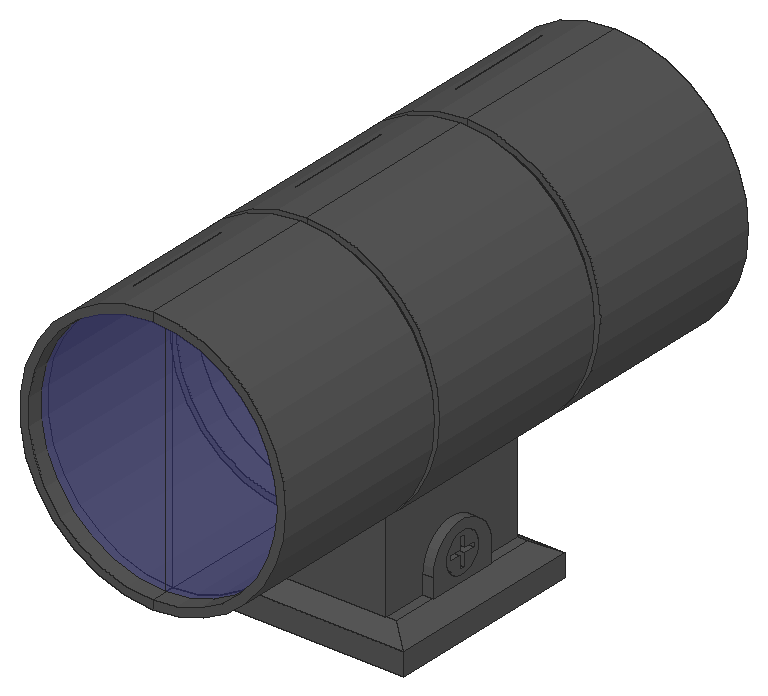
Revit family "CARLO CYLINDER LIGHT WALL MOUNT", category Lighting Fixtures, host Face, Revit 2020 (continued)
Types (10): name | Wattage_Input | Wattage Comments | Wattage | Photometric Web File | built-in parameter 1150142 | Model | built-in parameter 1150105 | Lumens | Light Length 1 | LIGHT RADIUS | LIGHT PLACEMENT | LIGHT LENGTH | LIGHT DIA | built-in parameter 1150106 | FIXED END HEIGHT | Curve base Height | Base Curve | BEAMING ANGLE | Apparent Load
    \n 149.32 168.52 188.09 208.38 228.97 249.89 270.22 289.39 306.34 319.13 \r\n 329.8 339.72 348.96 358.16 367.04 375.44 383.62 391.75 399.86 408.04 \r\n 416.32 424.83 433.43 441.98 450.7 459.81 469.24 478.98 488.96 498.84 \r\n 509.36 521.48 534.23 547.04 559.77 572.05 584.05 595.83 607.29 618.26 \r\n 629 639.77 650.28 660.15 669.89 680.18 690.27 699.53 708.33 716.8 \r\n 724.96 732.93 740.68 748.33 755.49 761.55 767.27 773.2 779.44 786.79 \r\n 793.73 798.48 802.59 807.27 811.82 815.79 819.57 823.53 827.28 830.45 \r\n 833.46 836.73 839.85 842.53 844.85 846.74 848.33 849.85 850.98 851.43 \r\n 849.27 \r\n2.1273 851.63 851.19 849.94 848.29 846.78 844.94 842.41 839.53 836.58 \r\n 833.49 830.36 826.99 823.08 819.02 815.25 811.29 806.58 801.74 797.75 \r\n 793.03 785.54 777.71 771.85 766.36 760.42 754 746.57 738.78 731.27 \r\n 723.55 715.29 706.7 697.94 688.79 678.95 668.85 658.92 648.83 638.33 \r\n 627.6 616.78 605.74 594.43 582.75 570.5 557.94 545.16 532.42 519.89 \r\n 507.93 497.12 486.89 476.79 467.07 457.94 449.1 440.3 431.64 423.13 \r\n 414.74 406.45 398.27 390.23 382.23 374.28 366.08 357.22 347.98 338.82 \r\n 328.9 317.81 304.61 287.6 268.51 248.34 227.57 206.98 186.57 166.65 \r\n 147.02 127.31 108.33 90.748 74.557 59.777 46.955 36.617 28.845 24.457 \r\n 21.773 19.303 17.289 15.441 13.856 12.527 11.473 10.772 10.234 9.68 \r\n 9.1539 8.6275 8.1435 7.7498 7.4031 7.0766 6.7685 6.4611 6.1749 5.9324 \r\n 5.7089 5.4878 5.2678 5.037 4.8112 4.6056 4.41 4.2205 4.0331 3.8378 \r\n 3.6486 3.481 3.3203 3.1532 2.9919 2.8488 2.7106 2.5659 2.4222 2.2825 \r\n 2.1498 2.0285 1.9173 1.82 1.7248 1.6311 1.5404 1.4537 1.3719 1.2982 \r\n 1.2274 1.1543 1.0832 1.0166 0.95511 0.90187 0.85062 0.79456 0.73852 0.68439 \r\n 0.63423 0.59251 0.5538 0.51272 0.47365 0.4405 0.40936 0.37679 0.34524 0.31615 \r\n 0.28905 0.26396 0.24088 0.22029 0.20072 0.18024 0.16076 0.14418 0.1286 0.11454 \r\n 0.096542 0.064703 0.032817 0.012637 0.00037568 0 0 0 0 0 \r\n 0 0 0 0 0 0 0.00037568 0.012637 0.032817 0.064703 \r\n 0.096542 0.11454 0.1286 0.14418 0.16076 0.18024 0.20072 0.22029 0.24088 0.26396 \r\n 0.28905 0.31615 0.34524 0.37679 0.40936 0.4405 0.47365 0.51272 0.5538 0.59251 \r\n 0.63423 0.68439 0.73852 0.79456 0.85062 0.90187 0.95511 1.0166 1.0832 1.1543 \r\n 1.2274 1.2982 1.3719 1.4537 1.5404 1.6311 1.7248 1.82 1.9173 2.0285 \r\n 2.1498 2.2825 2.4222 2.5659 2.7106 2.8488 2.9919 3.1532 3.3203 3.481 \r\n 3.6486 3.8378 4.0331 4.2205 4.41 4.6056 4.8112 5.037 5.2678 5.4878 \r\n 5.7089 5.9324 6.1749 6.4611 6.7685 7.0766 7.4031 7.7498 8.1435 8.6275 \r\n 9.1539 9.68 10.234 10.772 11.473 12.527 13.856 15.441 17.289 19.303 \r\n 21.773 24.457 28.845 36.617 46.955 59.777 74.557 90.748 108.33 127.31 \r\n 147.02 166.65 186.57 206.98 227.57 248.34 268.51 287.6 304.61 317.81 \r\n 328.9 338.82 347.98 357.22 366.08 374.28 382.23 390.23 398.27 406.45 \r\n 414.74 423.13 431.64 440.3 449.1 457.94 467.07 476.79 486.89 497.12 \r\n 507.93 519.89 532.42 545.16 557.94 570.5 582.75 594.43 605.74 616.78 \r\n 627.6 638.33 648.83 658.92 668.85 678.95 688.79 697.94 706.7 715.29 \r\n 723.55 731.27 738.78 746.57 754 760.42 766.36 771.85 777.71 785.54 \r\n 793.03 797.75 801.74 806.58 811.29 815.25 819.02 823.08 826.99 830.36 \r\n 833.49 836.58 839.53 842.41 844.94 846.78 848.29 849.94 851.19 851.63 \r\n 849.27 \r\n2.1273 851.43 850.98 849.85 848.33 846.74 844.85 842.53 839.85 836.73 \r\n 833.46 830.45 827.28 823.53 819.57 815.79 811.82 807.27 802.59 798.48 \r\n 793.73 786.79 779.44 773.2 767.27 761.55 755.49 748.33 740.68 732.93 \r\n 724.96 716.8 708.33 699.53 690.27 680.18 669.89 660.15 650.28 639.77 \r\n 629 618.26 607.29 595.83 584.05 572.05 559.77 547.04 534.23 521.48 \r\n 509.36 498.84 488.96 478.98 469.24 459.81 450.7 441.98 433.43 424.83 \r\n 416.32 408.04 399.86 391.75 383.62 375.44 367.04 358.16 348.96 339.72 \r\n 329.8 319.13 306.34 289.39 270.22 249.89 228.97 208.38 188.09 168.52 \r\n 149.32 130.07 111.36 93.576 76.96 61.653 48.329 37.752 29.798 25.104 \r\n 22.152 19.596 17.559 15.68 14.067 12.7 11.608 10.873 10.311 9.7549 \r\n 9.2308 8.6919 8.1918 7.783 7.4226 7.0854 6.771 6.4671 6.1838 5.9314 \r\n 5.6978 5.4777 5.2609 5.0296 4.8012 4.5886 4.3871 4.1989 4.0152 3.8236 \r\n 3.6371 3.468 3.3055 3.1413 2.9802 2.8241 2.6742 2.533 2.3973 2.2637 \r\n 2.1358 2.0151 1.9039 1.8092 1.7177 1.6211 1.5264 1.4377 1.3549 1.2816 \r\n 1.2112 1.1363 1.0631 0.99526 0.93258 0.87787 0.82577 0.77099 0.71609 0.66031 \r\n 0.60819 0.56643 0.52784 0.48579 0.44527 0.41023 0.3772 0.34303 0.31067 0.28281 \r\n 0.257 0.23075 0.20686 0.18799 0.17202 0.15984 0.14509 0.11743 0.089691 0.075136 \r\n 0.062212 0.040546 0.019861 0.0074112 0.00022726 0 0 0 0 0 \r\n 0 0 0 0 0 0 0.00045858 0.019417 0.044934 0.071895 \r\n 0.097865 0.11776 0.13442 0.14757 0.16144 0.18159 0.20385 0.22558 0.2478 0.27047 \r\n 0.29419 0.31901 0.3466 0.38007 0.41526 0.44744 0.48136 0.52173 0.56396 0.60338 \r\n 0.64504 0.69327 0.74556 0.80213 0.85903 0.90973 0.96216 1.0231 1.0895 1.1623 \r\n 1.2369 1.3062 1.3784 1.4631 1.555 1.6531 1.7545 1.8539 1.9579 2.0715 \r\n 2.1942 2.3306 2.4715 2.6073 2.7443 2.8844 3.0319 3.1959 3.3641 3.5216 \r\n 3.6861 3.8769 4.0745 4.2624 4.4514 4.6446 4.8481 5.0757 5.3074 5.5214 \r\n 5.7375 5.9655 6.2133 6.4976 6.8021 7.1107 7.4394 7.7924 8.1884 8.6587 \r\n 9.1695 9.6888 10.242 10.788 11.499 12.56 13.895 15.491 17.35 19.379 \r\n 21.848 24.532 28.82 36.13 46.152 59.445 74.817 91.206 108.77 127.43 \r\n 146.88 166.79 187.1 207.66 228.39 249.57 269.97 288.52 305 318.51 \r\n 329.94 339.57 348.31 357.37 366.13 374.19 382.04 390.11 398.21 406.25 \r\n 414.36 422.65 431.11 439.79 448.61 457.44 466.55 476.16 486.24 496.78 \r\n 507.95 520.05 532.62 545.32 558.07 570.8 583.21 594.91 606.19 617.21 \r\n 627.98 638.6 648.98 659.02 668.85 678.64 688.22 697.49 706.46 715.18 \r\n 723.46 730.94 738.16 745.69 753.01 759.74 766.07 771.85 777.76 785.02 \r\n 791.98 796.95 801.35 806.34 811.11 815.04 818.79 823.03 827.13 830.61 \r\n 833.79 836.91 839.83 842.56 844.97 846.89 848.5 849.99 851.07 851.48 \r\n 849.27 \r\n2.1273 851.27 850.8 849.77 848.35 846.69 844.76 842.61 840.08 836.85 \r\n 833.45 830.53 827.51 823.88 820.02 816.22 812.23 807.84 803.29 799.06 \r\n 794.27 787.81 780.88 774.37 768.11 762.52 756.71 749.77 742.23 734.28 \r\n 726.09 717.98 709.62 700.77 691.4 681.12 670.7 661.07 651.36 640.84 \r\n 630.04 619.36 608.42 596.86 585.01 573.19 561.11 548.42 535.58 522.65 \r\n 510.42 500.11 490.49 480.61 470.85 461.21 451.88 443.21 434.74 426.05 \r\n 417.45 409.16 400.98 392.79 384.54 376.17 367.61 358.72 349.55 340.24 \r\n 330.32 319.94 307.44 290.53 271.3 250.87 229.88 209.3 189.13 169.84 \r\n 150.97 132.09 113.62 95.709 78.786 63.072 49.355 38.591 30.495 25.569 \r\n 22.417 19.8 17.751 15.85 14.218 12.824 11.705 10.946 10.366 9.8082 \r\n 9.2854 8.7372 8.2254 7.8056 7.4353 7.0905 6.7718 6.471 6.1905 5.9305 \r\n 5.689 5.4701 5.256 5.0244 4.7939 4.5762 4.3703 4.1834 4.0027 3.8139 \r\n 3.6293 3.4592 3.2954 3.1332 2.9723 2.8065 2.6478 2.5095 2.38 2.2509 \r\n 2.1262 2.0053 1.8936 1.8009 1.7121 1.6135 1.5159 1.4257 1.3421 1.269 \r\n 1.1987 1.1227 1.0481 0.97914 0.91547 0.85952 0.80669 0.75296 0.69904 0.64214 \r\n 0.58866 0.54691 0.50838 0.46546 0.42375 0.38741 0.35307 0.3176 0.28452 0.25765 \r\n 0.23297 0.20623 0.182 0.16416 0.1505 0.14437 0.13312 0.097367 0.060727 0.045594 \r\n 0.036247 0.022291 0.010141 0.0035038 0.00011595 0 0 0 0 0 \r\n 0 0 0 0 0 0 0.00051033 0.024137 0.05311 0.075573 \r\n 0.096396 0.11735 0.13588 0.14748 0.1597 0.18051 0.20417 0.22745 0.25074 0.27285 \r\n 0.29535 0.31856 0.34514 0.37981 0.41675 0.44989 0.48465 0.52614 0.56931 0.60915 \r\n 0.65065 0.69755 0.74854 0.80528 0.8626 0.91305 0.96514 1.0257 1.0922 1.1663 \r\n 1.2419 1.3101 1.3811 1.4682 1.5643 1.6681 1.7754 1.8792 1.9865 2.1021 \r\n 2.2265 2.3658 2.5078 2.6377 2.769 2.9105 3.0612 3.2271 3.3961 3.5512 \r\n 3.7133 3.9052 4.1045 4.2927 4.4813 4.673 4.8752 5.1036 5.3356 5.5447 \r\n 5.7568 5.9887 6.241 6.5236 6.8257 7.1347 7.465 7.823 8.2205 8.6795 \r\n 9.177 9.689 10.241 10.794 11.515 12.581 13.923 15.531 17.403 19.449 \r\n 21.919 24.598 28.799 35.734 45.489 59.122 74.938 91.501 109.1 127.56 \r\n 146.85 167.01 187.63 208.32 229.15 250.59 271.11 289.25 305.33 319.13 \r\n 330.88 340.29 348.7 357.63 366.29 374.23 382 390.13 398.28 406.2 \r\n 414.17 422.39 430.81 439.49 448.34 457.19 466.29 475.8 485.85 496.6 \r\n 508.02 520.21 532.8 545.45 558.18 571.02 583.56 595.27 606.52 617.52 \r\n 628.26 638.8 649.1 659.09 668.84 678.38 687.75 697.1 706.22 715.01 \r\n 723.29 730.62 737.64 744.95 752.16 759.13 765.78 771.8 777.79 784.56 \r\n 791.07 796.25 801.02 806.13 810.96 814.9 818.67 823.04 827.29 830.84 \r\n 834.06 837.19 840.09 842.69 844.99 847 848.67 850.03 850.97 851.34 \r\n 849.27 \r\n2.1273 851.15 850.68 849.7 848.33 846.63 844.67 842.65 840.23 836.94 \r\n 833.47 830.61 827.67 824.15 820.37 816.54 812.54 808.27 803.83 799.49 \r\n 794.66 788.6 782.04 775.37 768.87 763.34 757.68 750.88 743.43 735.32 \r\n 726.94 718.86 710.55 701.65 692.18 681.78 671.26 661.69 652.07 641.55 \r\n 630.73 620.08 609.15 597.51 585.61 573.91 561.97 549.32 536.45 523.4 \r\n 511.1 500.93 491.48 481.68 471.92 462.13 452.65 444 435.58 426.81 \r\n 418.11 409.82 401.63 393.35 384.99 376.48 367.8 358.9 349.74 340.38 \r\n 330.46 320.24 307.91 291.01 271.74 251.28 230.27 209.75 189.69 170.6 \r\n 151.97 133.38 115.12 97.149 80.035 64.035 50.034 39.134 30.938 25.853 \r\n 22.568 19.915 17.864 15.951 14.308 12.899 11.765 10.99 10.399 9.8399 \r\n 9.3177 8.7636 8.2443 7.8175 7.4411 7.0918 6.7709 6.4731 6.195 5.9297 \r\n 5.6826 5.4648 5.2531 5.0213 4.7894 4.5684 4.3598 4.174 3.9955 3.8087 \r\n 3.6254 3.4546 3.2898 3.1291 2.9682 2.796 2.6314 2.4953 2.3703 2.2445 \r\n 2.122 2.0009 1.8864 1.795 1.7081 1.6083 1.5088 1.4177 1.3336 1.2605 \r\n 1.1902 1.1135 1.038 0.96829 0.90376 0.8468 0.79338 0.74046 0.68737 0.6299 \r\n 0.57564 0.53393 0.4954 0.45175 0.40912 0.37205 0.33699 0.3005 0.2668 0.24065 \r\n 0.21694 0.1904 0.16632 0.14878 0.13617 0.13382 0.12485 0.084011 0.041706 0.025918 \r\n 0.018648 0.0099374 0.003657 0.00091503 0.000042 0 0 0 0 0 \r\n 0 0 0 0 0 0 0.00053091 0.026797 0.057345 0.075738 \r\n 0.092134 0.11332 0.13297 0.14391 0.15552 0.17701 0.20168 0.2259 0.24971 0.2711 \r\n 0.29252 0.3148 0.34085 0.37601 0.41385 0.44785 0.48351 0.52595 0.56983 0.60981 \r\n 0.65105 0.69721 0.74745 0.80399 0.86132 0.91185 0.96404 1.0246 1.0912 1.1662 \r\n 1.2425 1.3098 1.3801 1.4691 1.5683 1.6761 1.7873 1.8937 2.0031 2.1205 \r\n 2.2466 2.3883 2.5313 2.6573 2.7846 2.9271 3.0799 3.2469 3.4163 3.5698 \r\n 3.7304 3.9227 4.123 4.3114 4.4998 4.6908 4.8923 5.1209 5.3522 5.5577 \r\n 5.7671 6.002 6.2578 6.5391 6.8391 7.1485 7.4801 7.8416 8.24 8.6899 \r\n 9.1764 9.6806 10.229 10.789 11.52 12.59 13.938 15.561 17.449 19.513 \r\n 21.987 24.657 28.783 35.427 44.966 58.806 74.921 91.635 109.31 127.7 \r\n 146.95 167.31 188.17 208.96 229.86 251.39 271.93 289.77 305.61 319.69 \r\n 331.73 340.99 349.16 357.98 366.56 374.4 382.12 390.3 398.5 406.32 \r\n 414.17 422.34 430.74 439.42 448.28 457.16 466.28 475.73 485.73 496.59 \r\n 508.12 520.35 532.95 545.56 558.25 571.16 583.78 595.49 606.72 617.72 \r\n 628.45 638.95 649.19 659.14 668.82 678.17 687.4 696.78 705.97 714.78 \r\n 723.05 730.31 737.22 744.35 751.45 758.58 765.47 771.72 777.78 784.15 \r\n 790.28 795.66 800.73 805.95 810.84 814.83 818.66 823.12 827.46 831.06 \r\n 834.3 837.43 840.3 842.81 845.03 847.09 848.81 850.07 850.88 851.24 \r\n 849.27 \r\n2.1273 851.08 850.59 849.64 848.29 846.57 844.6 842.64 840.3 836.99 \r\n 833.51 830.67 827.78 824.33 820.6 816.75 812.73 808.57 804.22 799.78 \r\n 794.9 789.16 782.92 776.19 769.56 764.01 758.37 751.68 744.29 736.04 \r\n 727.5 719.43 711.13 702.17 692.62 682.15 671.59 662.02 652.4 641.88 \r\n 631.06 620.4 609.47 597.79 585.87 574.22 562.33 549.72 536.86 523.75 \r\n 511.4 501.29 491.93 482.18 472.43 462.57 453 444.35 435.93 427.09 \r\n 418.33 410.02 401.82 393.45 384.97 376.37 367.62 358.7 349.54 340.14 \r\n 330.2 320.03 307.75 290.84 271.56 251.12 230.17 209.72 189.77 170.79 \r\n 152.32 133.94 115.85 97.895 80.706 64.542 50.366 39.382 31.126 25.957 \r\n 22.605 19.942 17.898 15.983 14.337 12.925 11.786 11.006 10.409 9.8499 \r\n 9.3277 8.771 8.2485 7.8188 7.4401 7.0893 6.7683 6.4733 6.1974 5.929 \r\n 5.6786 5.462 5.2522 5.0203 4.7877 4.5652 4.3555 4.1707 3.9938 3.8079 \r\n 3.6252 3.4541 3.2889 3.1288 2.968 2.7925 2.625 2.4905 2.3681 2.2439 \r\n 2.1218 1.9987 1.8824 1.7916 1.7057 1.6055 1.5053 1.4138 1.3294 1.2559 \r\n 1.1854 1.1087 1.033 0.96269 0.89747 0.83973 0.78584 0.73348 0.68109 0.62357 \r\n 0.56912 0.52749 0.48891 0.44465 0.40136 0.36415 0.32894 0.29173 0.2575 0.23181 \r\n 0.20892 0.18325 0.15979 0.14188 0.12901 0.1282 0.12027 0.077356 0.03263 0.016107 \r\n 0.0094144 0.0034866 0.00040986 0 0.000005 0 0 0 0 0 \r\n 0 0 0 0 0 0 0.00052033 0.027398 0.05764 0.072391 \r\n 0.085079 0.10565 0.1257 0.13688 0.14892 0.17107 0.19637 0.22093 0.24469 0.26522 \r\n 0.28572 0.30773 0.33373 0.36867 0.40654 0.44132 0.47795 0.52116 0.56554 0.60536 \r\n 0.64624 0.69226 0.74231 0.79828 0.85521 0.90612 0.95887 1.0197 1.0865 1.162 \r\n 1.2386 1.3055 1.3754 1.4658 1.5669 1.6771 1.7904 1.8975 2.0076 2.1267 \r\n 2.2546 2.3981 2.5418 2.6659 2.7912 2.9342 3.088 3.2553 3.4247 3.5774 \r\n 3.7372 3.9296 4.1301 4.3185 4.5069 4.6981 4.8995 5.1273 5.3575 5.5605 \r\n 5.7682 6.0055 6.2639 6.5441 6.8426 7.1521 7.4845 7.8483 8.2469 8.69 \r\n 9.1678 9.6637 10.208 10.775 11.515 12.588 13.941 15.58 17.487 19.571 \r\n 22.051 24.708 28.772 35.212 44.583 58.498 74.765 91.606 109.39 127.85 \r\n 147.17 167.69 188.71 209.58 230.51 252 272.44 290.09 305.84 320.17 \r\n 332.47 341.67 349.69 358.42 366.93 374.72 382.4 390.62 398.85 406.59 \r\n 414.35 422.5 430.9 439.57 448.44 457.37 466.52 475.93 485.87 496.73 \r\n 508.28 520.5 533.07 545.63 558.3 571.23 583.88 595.58 606.8 617.81 \r\n 628.55 639.04 649.26 659.17 668.79 678.03 687.15 696.52 705.72 714.5 \r\n 722.72 730 736.91 743.89 750.89 758.11 765.16 771.6 777.74 783.79 \r\n 789.63 795.17 800.5 805.8 810.75 814.83 818.75 823.27 827.66 831.27 \r\n 834.51 837.63 840.47 842.91 845.08 847.17 848.92 850.09 850.82 851.15 \r\n 849.27 \r\n2.1273 851.07 850.59 849.6 848.2 846.49 844.53 842.56 840.21 836.99 \r\n 833.59 830.71 827.76 824.34 820.65 816.76 812.72 808.64 804.37 799.83 \r\n 794.89 789.35 783.35 776.74 770.13 764.43 758.63 751.97 744.61 736.27 \r\n 727.62 719.51 711.19 702.14 692.53 682.09 671.56 661.88 652.15 641.63 \r\n 630.82 620.11 609.13 597.47 585.57 573.85 561.91 549.33 536.53 523.45 \r\n 511.1 500.92 491.49 481.76 472.06 462.24 452.69 444 435.52 426.62 \r\n 417.8 409.49 401.26 392.78 384.2 375.58 366.82 357.88 348.68 339.29 \r\n 329.32 319.02 306.62 289.65 270.37 250.04 229.22 208.9 189.05 170.09 \r\n 151.62 133.35 115.4 97.599 80.537 64.395 50.202 39.198 30.929 25.781 \r\n 22.461 19.826 17.807 15.905 14.27 12.873 11.748 10.977 10.386 9.8255 \r\n 9.301 8.7463 8.2269 7.8005 7.4253 7.0784 6.761 6.4687 6.1949 5.9272 \r\n 5.6775 5.4624 5.2541 5.0223 4.7899 4.5689 4.3609 4.1772 4.0011 3.815 \r\n 3.6319 3.4609 3.2958 3.1355 2.9748 2.8014 2.6361 2.5024 2.3795 2.2526 \r\n 2.1279 2.0041 1.889 1.7954 1.7068 1.6069 1.5079 1.4169 1.3325 1.2583 \r\n 1.1871 1.1113 1.0367 0.96621 0.90046 0.84224 0.78805 0.73589 0.68403 0.62749 \r\n 0.57393 0.53246 0.49372 0.44897 0.40543 0.36916 0.33488 0.29729 0.26256 0.23708 \r\n 0.21499 0.19164 0.16981 0.15001 0.13437 0.13126 0.12242 0.082693 0.041154 0.023617 \r\n 0.014745 0.0072918 0.0027948 0.00066866 0.000032 0 0 0 0 0 \r\n 0 0 0 0 0 0 0.00045389 0.024494 0.051056 0.0622 \r\n 0.071688 0.089929 0.10905 0.12222 0.13674 0.15969 0.18497 0.20876 0.2314 0.25074 \r\n 0.27049 0.29352 0.32033 0.35358 0.38979 0.42536 0.46333 0.50729 0.55195 0.59097 \r\n 0.63116 0.67821 0.72916 0.78388 0.83959 0.89138 0.94553 1.0073 1.0748 1.1501 \r\n 1.2263 1.2932 1.3633 1.4544 1.5561 1.6658 1.7781 1.8826 1.9908 2.1117 \r\n 2.242 2.3862 2.5305 2.656 2.7824 2.9251 3.0782 3.2444 3.4128 3.5662 \r\n 3.7268 3.9185 4.1181 4.3062 4.4948 4.6877 4.8903 5.116 5.3436 5.5456 \r\n 5.7533 5.9922 6.252 6.5316 6.8293 7.1392 7.4722 7.8362 8.2339 8.6739 \r\n 9.1466 9.6327 10.17 10.744 11.495 12.571 13.931 15.594 17.526 19.633 \r\n 22.124 24.767 28.795 35.174 44.469 58.264 74.473 91.437 109.45 128.24 \r\n 147.87 168.52 189.59 210.53 231.41 252.57 272.69 290.34 306.22 320.76 \r\n 333.26 342.49 350.47 359.13 367.58 375.34 383.03 391.28 399.53 407.21 \r\n 414.9 423.06 431.49 440.16 449.04 458.06 467.3 476.71 486.59 497.27 \r\n 508.62 520.77 533.3 545.82 558.45 571.33 583.9
